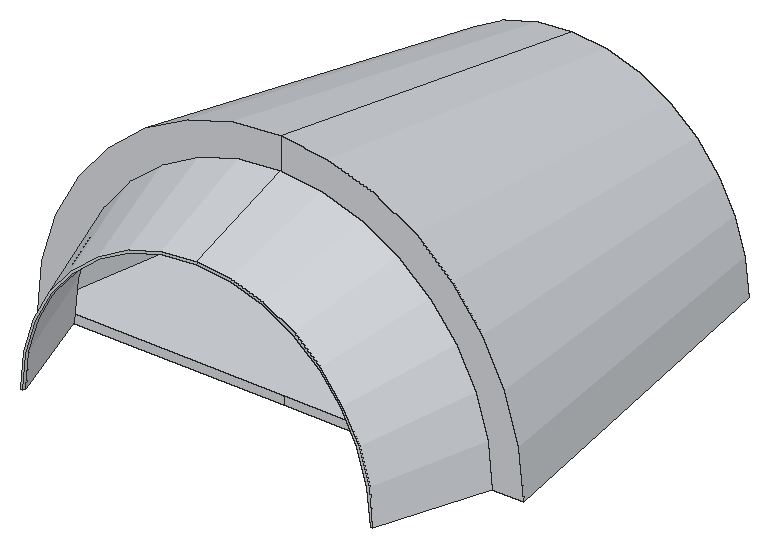
Revit family "Lighting_Outside_Zero_Elements_Wall_Outside", category Lighting Fixtures, host Face, Revit 2018
Family settings
  Host = Face
  Round Connector Dimension = Use Diameter
  Part Type = Normal
  OmniClass Number = 23.80.70.00
  OmniClass Title = Lighting
  Cut with Voids When Loaded = No
  Light Source = Yes
  Shared = No
  Room Calculation Point = No
Parameters (values of type "LED 366LM Grey")
  Youtube clip = ""
  Weight Net (Kg) = "1.8"
  Wattage = 2.49088 W
  WarrantyStartDate [instance] = "n/a"
  WarrantyGuarantorParts = "n/a"
  WarrantyGuarantorLabor = "n/a"
  WarrantyDurationUnit = "Year"
  WarrantyDurationParts = "n/a"
  WarrantyDurationLabor = "n/a"
  WarrantyDescription = "n/a"
  built-in parameter 1150110 = 1 (stored number, unit not read)
  VersionDate = "20/12/2021"  # constant formula
  Version = "2"  # constant formula
  UsageCurrent = 0 A
  Uniformat II Description = ""
  Uniformat II Code = ""
  Uniclass2015Reference = "Pr_70_70_48_85"
  Uniclass2015Description = "Surface luminaires"
  Uniclass2 = "Pr_70_70_49"
  Uniclass 2015 Name = ""
  Uniclass 2015 Code = ""
  Uniclass 2.0 Description = ""
  Uniclass 2.0 Code = ""
  Uniclass 1.4 Description = ""
  Uniclass 1.4 Code = ""
  URL = "https://www.zerolighting.com/elements-utomva"
  UNSPSC Code = ""
  TotalWattage = 8 W
  built-in parameter 1114217 = 1 (stored number, unit not read)
  Tilt Angle = -90.00°
  built-in parameter 1150109 = 1 (stored number, unit not read)
  built-in parameter 1150134 = (empty or 0)
  Technical description = ""
  TagNumber [instance] = "n/a"
  SustainabilityPerformance = "n/a"
  built-in parameter 1150113 = 1 (stored number, unit not read)
  Size = "285x274x142 mm"
  Shape = "Sculptured"
  SerialNumber [instance] = "n/a"
  Revision = "4"  # constant formula
  ReplacementCost = "n/a"
  Region South America = "None"
  Region Oceania = "AU, NZ"
  Region North America = "BZ, CR, GT, HN, MX, NI, PA, SV, US"
  Region Middle East = "AE"
  Region Europe = "AD, AL, AT, AX, BA, BE, BG, BY, CH, CY, CZ, DE, DK, EE, ES, FI, FO, FR, GB, GG, GI, GR, HR, HU, IE, IM, IS, IT, JE, LI, LT, LU, LV, MC, MD, ME, MK, MT, NL, NO, PL, PT, RO, RS, RU, SE, SI, SJ, SK, SM, UA, VA"
  Region Asia = "HK, JP, SG"
  Region Antarctica = "None"
  Region Africa = "None"
  QR code = "http://bimobject.com/zero/product/Elements_wall_fixture_outdoor"
  ProductInformation = "An outdoor fixture joins the Elements series. Arched surfaces of galvanised steel replace the textiles used previously, all the better to survive the seasons of the harsh Nordic climate. Via the domed material layer, light is reflected and directed to give stylistically pure illumination on the facade. Even in this material, Elements reminds us of the Nordic mountainous countryside and its very special light. IK10"
  Product url = "https://www.zerolighting.com/outdoorwall#/elements-utomva"
  Product group = "Wall fixture"
  Product family = "Elements"
  Product certification = ""
  Product SKU = "Elements_wall_fixture_outdoor"
  Product Guid = "ce742e59-943e-4774-a16b-033299cc1537"
  Photometric Web File = "Elements3385.IES"
  PhaseReference = "n/a"
  PhaseAngle = 0.00°
  OmniClass Description = ""
  OmniClass Code = ""
  NumberOfSources = 0
  NumberOfPoles = 1
  NominalVoltageCalc = 0 V
  NominalVoltage = 230 V
  NominalLength = 285 mm
  NominalFrequencyRange = 50 Hz
  NominalCurrent = 0 A
  Nominal width = 285 mm
  Nominal height = 274 mm
  Name = "Zero_Elements_Wall_Outside"  # constant formula
  NBSReference = "90-60-50/405"
  NBSDescription = "General purpose luminaires"
  NBS Reference Description = ""
  NBS Reference Code = ""
  Model = "Elements exterior wall LED 366LM Silver Grey"
  Material secondary = ""
  Material main = "Steel"
  Masterformat 2014 Description = ""
  Masterformat 2014 Code = ""
  Manufacturer name = "ZERO"
  Manufacturer country = "Sweden"
  Manufacturer = "Zero"
  ModelReference = "n/a"
  ModelNumber = ArticleNumber  # "3385-1-10"
  Material = "Steel"
  ManufacturersSpecificInformation = "n/a"
  ManufacturerURL = "https://www.zerolighting.com/"
  ManufacturerName = "Zero"
  MaintenanceFactor = 0
  built-in parameter 1150105 = 29.444 (stored number, unit not read)
  Lumens = 370 lm
  built-in parameter 1150115 = 1 (stored number, unit not read)
  LightFixturePlacingType = "Wall"
  LightFixtureMountingType = "Surface"
  LightFixtureMainMaterial = Silver Grey Metal RAL 9006
  built-in parameter 1150137 = (empty or 0)
  built-in parameter 1150139 = (empty or 0)
  built-in parameter 1150112 = 1 (stored number, unit not read)
  built-in parameter 1150114 = 1 (stored number, unit not read)
  InsulationStandardClass = "n/a"
  InstallationDate [instance] = "n/a"
  Installation instructions = ""
  built-in parameter 1150132 = 2
  built-in parameter 1150102 = (empty or 0)
  built-in parameter 1150107 = 3000 (stored number, unit not read)
  built-in parameter 1150138 = (empty or 0)
  built-in parameter 1150106 = 0.29444 (stored number, unit not read)
  IfcExportType = "NOTDEFINED"  # constant formula
  IfcExportAs = "IfcLightFixtureType"  # constant formula
  IP_Code = "IP65"
  IFC Classification = ""
  HasProtectiveEarth = yes
  Grade = "n/a"
  GTIN code = ""
  Finish = "Silver grey (RAL 9006) painted metal or hot-dip galvanized metal. Other colours on request. Hot-dip galvanized has a ruff finish with visible scratches and other marks."
  Features = "Terminal-block 5x4mm2"
  ExpectedLife = "n/a"
  Emit from Rectangle Width = 609.6 mm
  Emit from Rectangle Length = 1219.2 mm
  Emit Shape Visible in Rendering = no
  ElectricalDeviceNominalPower = 0
  built-in parameter 1150104 = 13.8 (stored number, unit not read)
  Edition number = 1
  EANNumber = "n/a"
  DurationUnit = "Year"
  Dimming Lamp Color Temperature Shift = <None>
  Dimming = "None"
  Designer = "Note Design Studio"
  Design country = "Sweden"
  Default Elevation = 0 mm
  Date of publishing = ""
  Constituents = "n/a"
  Color Filter = 16777215
  Color = "Grey"
  Collection = "Elements"
  CodePerformance = "n/a"
  Category = "Wall"
  COBIe Type Category = ""
  Brand url = "http://www.zero.se"
  Brand = "Zero"
  Barcode [instance] = "n/a"
  built-in parameter 1114218 = 1 (stored number, unit not read)
  BIMobject main category code = "lighting"
  BIMobject main category = "Lighting"
  BIMobject category code = "lighting-outside"
  BIMobject category = "Outside"
  BIMObjectName = "Lighting_Outside_Zero_Elements_Wall_Outside"  # constant formula
  Author = "BIMstone"  # constant formula
  built-in parameter 1150133 = 10 (stored number, unit not read)
  AssetType = "Fixed"
  AssetIdentifier [instance] = "n/a"
  ArticleNumber = "3385-1-10"
  AccessibilityPerformance = "n/a"
Types (2, lengths in mm): name | Model | ModelNumber | LightFixtureMainMaterial | Color | ArticleNumber
  LED 366LM Galvanized | "Elements exterior wall LED 366LM Galvanized" | "3385-1-83" | Steel, Galvanized | "Metallic" | "3385-1-83"
  LED 366LM Grey | "Elements exterior wall LED 366LM Silver Grey" | "3385-1-10" | Silver Grey Metal RAL 9006 | "Grey" | "3385-1-10"
Reference planes
  plane 1 "Center (Front/Back)": y = 0
  plane 2: z = 0
  plane 3 "Center (Left/Right)": x = 0
  plane 4: y = 137
  plane 5: y = -137
  plane 6: x = -142.5
  plane 7: x = 142.5
  plane 8: z = 142
Forms (mm)
  Extrusion 1, solid, material "Silver Grey Metal RAL 9006" <- "LightFixtureMainMaterial", detail levels coarse
    sketch origin (0, 0, 0) x (0, 1, 0) y (0, 0, 1)
      loop
        line (137, 142) -> (-137, 142) -> (-137, 0) -> (137, 0) -> (137, 142)
    from -142.5 to 142.5
Dimensions and locks
  equal spacing: plane 4, plane 1 "Center (Front/Back)", plane 5
  plane 4 to plane 5 = 274 mm
  equal spacing: plane 6, plane 3 "Center (Left/Right)", plane 7
  "NominalLength": plane 6 to plane 7
  plane 8 to host face = 142 mm
  aligned and locked: plane 2 to host face
  aligned and locked: level to host face
  aligned and locked: plane 8 to Extrusion 1 sketch curve
  aligned and locked: Extrusion 1 sketch curve to level
  aligned and locked: Extrusion 1 to plane 6
  aligned and locked: plane 7 to Extrusion 1
  aligned and locked: plane 4 to Extrusion 1
  aligned and locked: Extrusion 1 to plane 5
  aligned and locked: Extrusion 1 to host face
Automatic sketch dimensions
  host sketch curve to host sketch curve = 2438.4 mm  (x2)
  plane 5 to Extrusion 1 sketch curve = 0 mm
  Extrusion 1 sketch curve to plane 4 = 0 mm
Nested families
  nested 1: "elements_out" at (0, 0, 0), type "elements_out"
    with Main none
Connectors
  electrical at (0, 0, 0), driven by "NominalVoltage"
    settings: on Extrusion 1, index 1, voltage 230 V, apparent load 0 VA, apparent load phase1 0 VA, apparent load phase2 0 VA, apparent load phase3 0 VA, power factor 1, load classification "Other", number of poles 1, system type 31, power factor state 1, is connector primary yes, connector utility no, sub classification motor no, connector description ""
Definition of nested family "elements_out"
  Parameters (values of type "elements_out")
    Main [instance] = none
  Reference planes
    plane 1 "Center (Front/Back)": y = 0
    plane 2: z = 0
    plane 3 "Center (Left/Right)": x = 0
    plane 4: y = 137
    plane 5: y = -137
    plane 6: x = -142.5
    plane 7: x = 142.5
    plane 8: z = 142
  Forms (mm)
    Revolve 1, solid, material <- "Main", detail levels medium+fine
      sketch origin (0, 0, 0) x (0, 1, 0) y (0, 0, 1)
        loop
          line (-75.696, 123.618) -> (-137, 102.951) -> (-137, 101.515) -> (-135, 101.515) -> (-73.696, 122.181) -> (-73.696, 139.6) -> (135, 101.333) -> (137, 101.333) -> (137, 103) -> (-75.696, 142) -> (-75.696, 123.618)
        axis (137, 0) -> (-137, 0)
      angle from 0 to 360
    Extrusion 2, void
      sketch origin (0, 0, 0) x (0, 1, 0) y (0, 0, 1)
        loop
          line (153.97, 0) -> (-176.03, 0) -> (-176.03, -155) -> (153.97, -155) -> (153.97, 0)
      from -280.437 to 250
    Extrusion 3, solid, material <- "Main", detail levels medium+fine
      sketch origin (0, 0, 0) x (1, 0, 0) y (0, 1, 0)
        loop
          line (-101.333, 135) -> (-139.6, -73.696) -> (0, -73.696) -> (139.6, -73.696) -> (101.333, 135) -> (0, 135) -> (-101.333, 135)
      from 0 to 4.942
  Cuts and joins
    Extrusion 2 cuts Revolve 1
  Lines and regions (mm)
    symbolic lines, detail levels medium+fine
      curve 1: line (-103, 137, 0) -> (0, 137, 0)
      curve 2: line (0, 137, 0) -> (103, 137, 0)
      curve 3: line (-142, -75.696, 0) -> (-123.618, -75.696, 0)
      curve 5: line (-102.951, -137, 0) -> (0, -137, 0)
      curve 6: line (0, -137, 0) -> (102.951, -137, 0)
      curve 7: line (-142, -75.696, 0) -> (-103, 137, 0)
      curve 8: line (103, 137, 0) -> (142, -75.696, 0)
      curve 9: line (-102.951, -137, 0) -> (-123.618, -75.696, 0)
      curve 10: line (102.951, -137, 0) -> (123.618, -75.696, 0)
      curve 12: line (123.618, -75.696, 0) -> (142, -75.696, 0)
      curve 13: line (0, 137, 103) -> (0, 137, 0)
      curve 14: line (0, -75.696, 142) -> (0, -75.696, 123.617)
      curve 15: line (0, -137, 102.951) -> (0, -137, 0)
      curve 16: line (0, 137, 103) -> (0, -75.696, 142)
      curve 17: line (0, -137, 102.951) -> (0, -75.696, 123.617)
      curve 19: arc (-142, 0, 0) -> (-100.409, 0, 100.409) -> (0, 0, 142) r 142
      curve 20: arc (0, 0, 142) -> (100.409, 0, 100.409) -> (142, 0, 0) r 142
      curve 27: line (-142, 0, 0) -> (142, 0, 0)
      curve 29: line (0, 137, 0) -> (0, -137, 0)
    symbolic lines, detail levels fine
      curve 4: line (0, -75.696, 0) -> (123.618, -75.696, 0)
      curve 11: line (-123.618, -75.696, 0) -> (0, -75.696, 0)
      curve 18: line (0, -75.696, 123.617) -> (0, -75.696, 0)
      curve 21: arc (0, 0, 123.618) -> (87.411, 0, 87.411) -> (123.618, 0, 0) r 123.618
      curve 22: arc (-123.618, 0, 0) -> (-87.411, 0, 87.411) -> (0, 0, 123.618) r 123.618
      curve 23: arc (-102.951, 0, 0) -> (-72.798, 0, 72.798) -> (0, 0, 102.951) r 102.951
      curve 24: arc (0, 0, 102.951) -> (72.798, 0, 72.798) -> (102.951, 0, 0) r 102.951
      curve 25: arc (101.515, 0, 0) -> (71.782, 0, 71.782) -> (0, 0, 101.515) r 101.515
      curve 26: arc (0, 0, 101.515) -> (-71.782, 0, 71.782) -> (-101.515, 0, 0) r 101.515
      curve 28: line (101.395, 0, 4.942) -> (-101.395, 0, 4.942)
  Dimensions and locks
    equal spacing: plane 4, plane 1 "Center (Front/Back)", plane 5
    plane 4 to plane 5 = 274 mm
    equal spacing: plane 6, plane 3 "Center (Left/Right)", plane 7
    plane 6 to plane 7 = 285 mm
    plane 8 to level = 142 mm
    aligned and locked: level to plane 2
    aligned and locked: Extrusion 3 sketch curve to cut or joined group of Revolve 1, Extrusion 2  (x6)
    aligned and locked: curve 1 to cut or joined group of Revolve 1, Extrusion 2
    aligned and locked: curve 2 to cut or joined group of Revolve 1, Extrusion 2
    aligned and locked: curve 3 to cut or joined group of Revolve 1, Extrusion 2
    aligned and locked: curve 4 to cut or joined group of Revolve 1, Extrusion 2
    aligned and locked: curve 5 to cut or joined group of Revolve 1, Extrusion 2
    aligned and locked: curve 6 to cut or joined group of Revolve 1, Extrusion 2
    aligned and locked: curve 13 to cut or joined group of Revolve 1, Extrusion 2
    aligned and locked: curve 14 to cut or joined group of Revolve 1, Extrusion 2
    aligned and locked: curve 15 to cut or joined group of Revolve 1, Extrusion 2
    aligned and locked: curve 19 to cut or joined group of Revolve 1, Extrusion 2
    aligned and locked: curve 20 to cut or joined group of Revolve 1, Extrusion 2
    aligned and locked: curve 21 to cut or joined group of Revolve 1, Extrusion 2
    aligned and locked: curve 22 to cut or joined group of Revolve 1, Extrusion 2
    aligned and locked: curve 23 to cut or joined group of Revolve 1, Extrusion 2
    aligned and locked: curve 24 to cut or joined group of Revolve 1, Extrusion 2
    aligned and locked: curve 25 to cut or joined group of Revolve 1, Extrusion 2
    aligned and locked: curve 26 to cut or joined group of Revolve 1, Extrusion 2
    aligned and locked: curve 27 to Extrusion 3
  Automatic sketch dimensions
    Extrusion 2 sketch curve to level = 0 mm
    Extrusion 2 sketch curve to plane 5 = 39.03 mm
    plane 4 to Extrusion 2 sketch curve = 16.97 mm
    Extrusion 2 sketch curve to level = 155 mm
    Revolve 1 sketch curve to level = 0 mm
    Revolve 1 sketch curve to plane 5 = 0 mm  (x2)
    Revolve 1 sketch curve to plane 8 = 0 mm
    Revolve 1 sketch curve to plane 4 = 0 mm  (x2)
    Revolve 1 sketch curve to Revolve 1 sketch curve = 2 mm  (x2)
    plane 5 to Revolve 1 sketch curve = 61.304 mm
    Revolve 1 sketch curve to plane 8 = 19.819 mm
    Revolve 1 sketch curve to plane 4 = 2 mm
    Revolve 1 sketch curve to plane 8 = 40.667 mm
    Revolve 1 sketch curve to plane 8 = 40.485 mm
    Revolve 1 sketch curve to Revolve 1 sketch curve = 1.667 mm
    Revolve 1 sketch curve to Revolve 1 sketch curve = 1.436 mm  (x2)
    Revolve 1 sketch curve to plane 8 = 2.4 mm
    Extrusion 3 sketch curve to plane 3 "Center (Left/Right)" = 0 mm  (x2)
    curve 1 to plane 4 = 0 mm
    curve 2 to plane 3 "Center (Left/Right)" = 0 mm
    curve 5 to plane 3 "Center (Left/Right)" = 0 mm
    curve 4 to plane 3 "Center (Left/Right)" = 0 mm
    curve 10 to plane 5 = 0 mm
    plane 6 to curve 5 = 39.549 mm
    plane 6 to curve 7 = 39.5 mm
    plane 6 to curve 7 = 0.5 mm
    curve 2 to plane 7 = 39.5 mm
    curve 12 to plane 7 = 0.5 mm
    plane 5 to curve 12 = 61.304 mm
    curve 3 to curve 9 = 18.382 mm
    curve 10 to plane 7 = 39.549 mm
    curve 10 to curve 12 = 18.382 mm
    level to curve 28 = 4.942 mm
    curve 29 to level = 0 mm
    curve 15 to plane 5 = 0 mm
    curve 16 to plane 8 = 0 mm
    curve 13 to plane 4 = 0 mm
    curve 18 to plane 8 = 18.383 mm
    plane 5 to curve 18 = 61.304 mm
    curve 15 to plane 8 = 39.049 mm
    curve 13 to plane 8 = 39 mm
